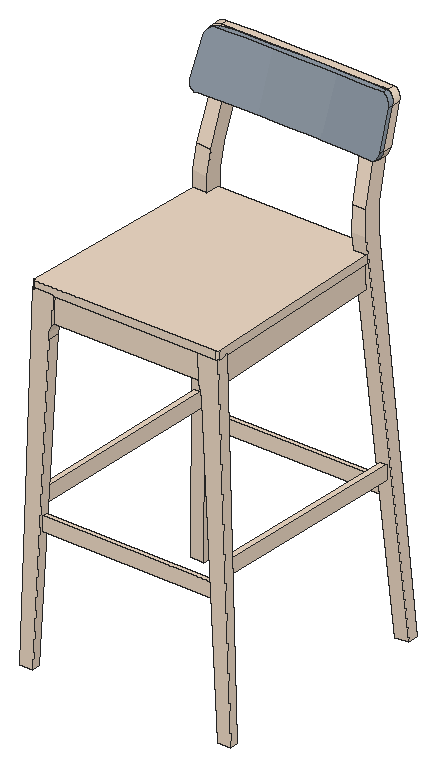
Revit family "FU_Stool_Sandler_Inga 4-4", category Furniture, Revit 2020
Family settings
  OmniClass Number = 23.40.20.00
  OmniClass Title = General Furniture and Specialties
  Work Plane-Based = No
  Always vertical = Yes
  Cut with Voids When Loaded = No
  Shared = No
  Room Calculation Point = No
Parameters (values of type "Inga 4.4")
  Width = 470 mm
  URL = "https://www.sandlerseating.com/product/inga-4-4/"
  Back [instance] = Fabric - Gravity - Frozen CPC27
  Model = "Inga 4.4"
  Manufacturer = "Sandler"
  Height = 1065 mm
  Frame [instance] = Wood - Stain - Natural
  Description = "Counter Stool with an upholstered back and wooden seat on a solid beech frame.\r\nProduced to custom height per customer specification, from 23.5”-29” seat height"
  Depth = 515 mm
  Default Elevation = 0 mm
Reference planes
  plane 1 "Center (Front/Back)": y = 0
  plane 2: z = 0
  plane 3 "Center (Left/Right)": x = 0
  plane 4 "Right": x = -235
  plane 5 "Left": x = 235
  plane 6 "Back": y = 257.5
  plane 7 "Front": y = -257.5
  plane 8 "Height": z = 1065
  plane 9 "Seat height": z = 770
  plane 10 "BRL C Front": through (-223.656, -1524, 6.942) normal (-0.998, 0, 0.0629)
  plane 11 "Cross Stretch RIGHT": z = 319.276
Forms (mm)
  Extrusion 1, solid, material "Wood - Stain - Natural" <- "Frame"
    sketch origin (-223.207, 0, 14.064) x (-0.062885, 0, -0.998021) y (0, -1, 0)
      loop
        line (14.088, -221.904) -> (-739.706, -170.353)
        arc (-739.706, -170.353) -> (-791.323, -166.38) -> (-842.719, -172.583) r 263.292
        arc (-842.719, -172.583) -> (-888.062, -184.609) -> (-932.278, -200.282) r 576.651
        line (-932.278, -200.282) -> (-1010.447, -234.651)
        arc (-1010.447, -234.651) -> (-1016.215, -251.155) -> (-999.349, -255.758) r 11.952
        arc (-999.349, -255.758) -> (-922.172, -228.309) -> (-842.736, -208.318) r 861.108
        arc (-842.736, -208.318) -> (-792.241, -202.51) -> (-741.487, -205.274) r 301.278
        line (-741.487, -205.274) -> (14.088, -243.812) -> (14.088, -221.904)
    from -14 to 16
  Extrusion 2, solid, material "Wood - Stain - Natural" <- "Frame"
    sketch origin (0, -257.5, 0) x (-1, 0, 0) y (0, 0, 1)
      loop
        line (203.243, 755.337) -> (160.475, 755.337) -> (162.275, 692.965)
        arc (162.275, 692.965) -> (167.122, 678.906) -> (169.282, 664.193) r 79.948
        line (169.282, 664.193) -> (204.244, 0) -> (231.625, 0) -> (203.243, 755.337)
    from 0 to 26
  Extrusion 3, void
    sketch origin (0, 0, 0) x (0, 1, 0) y (0, 0, 1)
      loop
        line (-240.28, -7.462) -> (-228.255, -7.462) -> (-228.255, 770) -> (-231.331, 770) -> (-240.28, -7.462)
    from -235 to 235
  Extrusion 4, solid, material "Wood - Stain - Natural" <- "Frame"
    sketch origin (0, -257.5, 0) x (1, 0, 0) y (0, 0, -1)
      loop
        line (203.243, -755.337) -> (231.625, 0) -> (204.244, 0) -> (169.282, -664.193)
        arc (169.282, -664.193) -> (167.122, -678.906) -> (162.275, -692.965) r 79.948
        line (162.275, -692.965) -> (160.475, -755.337) -> (203.243, -755.337)
    from 0 to 26
  Extrusion 5, solid, material "Wood - Stain - Natural" <- "Frame"
    sketch origin (0, 0, 0) x (0, 1, 0) y (0, 0, 1)
      loop
        line (-251.611, 753.215) -> (-251.611, 695.417) -> (-237.611, 695.417) -> (-237.611, 753.215) -> (-251.611, 753.215)
      loop
        line (182.525, 753.215) -> (182.525, 695.417) -> (197.878, 695.417) -> (197.878, 753.215) -> (182.525, 753.215)
    from -172 to 172
  Extrusion 6, solid, material "Wood - Stain - Natural" <- "Frame"
    sketch origin (0, 0, 770) x (-1, 0, 0) y (0, -1, 0)
      loop
        line (199.089, 233.696) -> (182.392, 233.696) -> (167.912, -178.326) -> (183.325, -178.326) -> (199.089, 233.696)
      loop
        line (-199.089, 233.696) -> (-183.325, -178.326) -> (-167.912, -178.326) -> (-182.392, 233.696) -> (-199.089, 233.696)
    from -73.647 to -16.784
  Sweep 7, solid, material "Wood - Stain - Natural" <- "Frame"
    path origin (0, 15, 0) x (0, 1, 0) y (0, 0, 1)
      loop
        line (201.523, 926.004) -> (255.109, 1066.106)
    profile "Pro_Inga_Back : Pro_Inga_Back" origin (0, 243.316, 996.055) x (0, -0.934012, 0.357242) y (1, 0, 0)
      loop
        arc (30.116, 241.175) -> (0, -0.038) -> (30.717, -241.175) r 971.366
        line (30.717, -241.175) -> (45.91, -241.175)
        arc (45.91, -241.175) -> (14.46, 0.005) -> (45.984, 241.175) r 939.367
        line (45.984, 241.175) -> (30.116, 241.175)
  Extrusion 8, void
    sketch origin (0, 257.5, 0) x (-1, 0, 0) y (0, 0, 1)
      loop
        line (210.101, 969.86) -> (205.284, 1046.309)
        arc (205.284, 1046.309) -> (198.261, 1060.303) -> (183.308, 1064.949) r 20
        arc (183.308, 1064.949) -> (0, 1055.69) -> (-183.308, 1064.949) r 1819.098
        arc (-183.308, 1064.949) -> (-198.261, 1060.303) -> (-205.284, 1046.309) r 20
        line (-205.284, 1046.309) -> (-210.101, 969.86)
        arc (-210.101, 969.86) -> (-205.852, 957.072) -> (-193.916, 950.817) r 18
        arc (-193.916, 950.817) -> (0, 941.208) -> (193.916, 950.817) r 1961.668
        arc (193.916, 950.817) -> (205.852, 957.072) -> (210.101, 969.86) r 18
      loop
        line (252.572, 1093.889) -> (-257.428, 1093.889) -> (-257.428, 918.889) -> (252.572, 918.889) -> (252.572, 1093.889)
    from -91.038 to 16.635
  Sweep 9, solid, material "Fabric - Gravity - Frozen CPC27" <- "Back"
    path origin (0, 15, 0) x (0, 1, 0) y (0, 0, 1)
      loop
        line (201.523, 926.004) -> (255.109, 1066.106)
    profile "Pro_Inga_Uph-Back : Pro_Inga_Uph-Back" origin (0, 243.316, 996.055) x (0, -0.934012, 0.357242) y (1, 0, 0)
      loop
        arc (45.116, 241.175) -> (15, -0.038) -> (45.717, -241.175) r 971.366
        line (45.717, -241.175) -> (56.451, -241.175)
        arc (56.451, -241.175) -> (25, 0.005) -> (56.524, 241.175) r 939.367
        line (56.524, 241.175) -> (45.116, 241.175)
  Extrusion 10, void
    sketch origin (0, 257.5, 0) x (-1, 0, 0) y (0, 0, 1)
      loop
        line (208.399, 970.415) -> (203.679, 1045.335)
        arc (203.679, 1045.335) -> (196.796, 1059.049) -> (182.142, 1063.602) r 19.6
        arc (182.142, 1063.602) -> (0, 1054.402) -> (-182.142, 1063.602) r 1807.525
        arc (-182.142, 1063.602) -> (-196.796, 1059.049) -> (-203.679, 1045.335) r 19.6
        line (-203.679, 1045.335) -> (-208.399, 970.415)
        arc (-208.399, 970.415) -> (-204.235, 957.883) -> (-192.538, 951.753) r 17.64
        arc (-192.538, 951.753) -> (0, 942.213) -> (192.538, 951.753) r 1947.724
        arc (192.538, 951.753) -> (204.235, 957.883) -> (208.399, 970.415) r 17.64
      loop
        line (252.572, 1093.889) -> (-257.428, 1093.889) -> (-257.428, 918.889) -> (252.572, 918.889) -> (252.572, 1093.889)
    from -96.184 to 10.5
  Extrusion 11, solid, material "Wood - Stain - Natural" <- "Frame"
    sketch origin (223.207, 0, 14.064) x (0.062885, 0, -0.998021) y (0, 1, 0)
      loop
        line (14.088, 221.904) -> (14.088, 243.812) -> (-741.487, 205.274)
        arc (-741.487, 205.274) -> (-792.241, 202.51) -> (-842.736, 208.318) r 301.278
        arc (-842.736, 208.318) -> (-922.172, 228.309) -> (-999.349, 255.758) r 861.108
        arc (-999.349, 255.758) -> (-1016.215, 251.155) -> (-1010.447, 234.651) r 11.952
        line (-1010.447, 234.651) -> (-932.278, 200.282)
        arc (-932.278, 200.282) -> (-888.062, 184.609) -> (-842.719, 172.583) r 576.651
        arc (-842.719, 172.583) -> (-791.323, 166.38) -> (-739.706, 170.353) r 263.292
        line (-739.706, 170.353) -> (14.088, 221.904)
    from -14 to 16
  Extrusion 12, solid, material "Wood - Stain - Natural" <- "Frame"
    sketch origin (0, 0, 0) x (0, 1, 0) y (0, 0, 1)
      loop
        line (-251.379, 308.04) -> (-251.379, 276.439) -> (-241.751, 276.439) -> (-241.751, 308.04) -> (-251.379, 308.04)
      loop
        line (212.749, 308.04) -> (212.749, 276.439) -> (223.249, 276.439) -> (223.249, 308.04) -> (212.749, 308.04)
    from -205.963 to 206
  Sweep 13, solid, material "Wood - Stain - Natural" <- "Frame"
    path origin (0, 0, 319.276) x (0, -1, 0) y (1, 0, 0)
      loop
        line (241.267, -201.776) -> (-208.724, -204.634)
    profile origin (-203.205, -16.272, 319.276) x (-0.99998, -0.006352, 0) y (0, 0, 1)
      loop
        line (6, 0) -> (6, 32.028) -> (-6, 32.028) -> (-6, 0) -> (6, 0)
  Sweep 14, solid, material "Wood - Stain - Natural" <- "Frame"
    path origin (0, 0, 319.276) x (0, -1, 0) y (-1, 0, 0)
      loop
        line (241.267, -201.776) -> (-208.724, -204.634)
    profile origin (203.205, -16.272, 319.276) x (-0.99998, 0.006352, 0) y (0, 0, 1)
      loop
        line (-6, 0) -> (6, 0) -> (6, 32.028) -> (-6, 32.028) -> (-6, 0)
  Extrusion 15, solid, material "Wood - Stain - Natural" <- "Frame"
    sketch origin (0, 0, 770) x (-1, 0, 0) y (0, -1, 0)
      loop
        line (198.707, 257.5) -> (-198.707, 257.5)
        arc (-198.707, 257.5) -> (-202.298, 255.979) -> (-203.705, 252.341) r 5
        line (-203.705, 252.341) -> (-189.541, -193.835)
        arc (-189.541, -193.835) -> (-188.023, -197.268) -> (-184.544, -198.676) r 5
        line (-184.544, -198.676) -> (184.544, -198.676)
        arc (184.544, -198.676) -> (188.023, -197.268) -> (189.541, -193.835) r 5
        line (189.541, -193.835) -> (203.705, 252.341)
        arc (203.705, 252.341) -> (202.298, 255.979) -> (198.707, 257.5) r 5
    from 0 to -17
Cuts and joins
  Extrusion 3 cuts Extrusion 2
  Extrusion 3 cuts Extrusion 4
  Extrusion 10 cuts Sweep 9
  Extrusion 8 cuts Sweep 7
Lines and regions (mm)
  reference lines
    curve 1: line (-207.78, -238.806, 319.276) -> (-195.802, -238.806, 319.276)
    curve 2: line (-210.705, 206.263, 319.276) -> (-198.532, 206.263, 319.276)
Dimensions and locks
  equal spacing: plane 4 "Right", plane 3 "Center (Left/Right)", plane 5 "Left"
  "Width": plane 4 "Right" to plane 5 "Left"
  equal spacing: plane 6 "Back", plane 1 "Center (Front/Back)", plane 7 "Front"
  "Depth": plane 6 "Back" to plane 7 "Front"
  "Height": plane 8 "Height" to level
  plane 9 "Seat height" to level = 770 mm
  aligned and locked: level to plane 2
Automatic sketch dimensions
  Extrusion 1 sketch curve to plane 6 "Back" = 22.849 mm
  Extrusion 1 sketch curve to Extrusion 1 sketch curve = 4.811 mm
  Extrusion 1 sketch curve to plane 6 "Back" = 57.218 mm
  Extrusion 1 sketch curve to Extrusion 1 sketch curve = 78.169 mm
  Extrusion 1 sketch curve to Extrusion 1 sketch curve = 146.651 mm
  Extrusion 1 sketch curve to Extrusion 1 sketch curve = 2.439 mm
  Extrusion 1 sketch curve to plane 6 "Back" = 52.226 mm
  Extrusion 1 sketch curve to Extrusion 1 sketch curve = 190.79 mm
  Extrusion 1 sketch curve to plane 6 "Back" = 87.147 mm
  Extrusion 1 sketch curve to Extrusion 1 sketch curve = 1.781 mm
  Extrusion 1 sketch curve to Extrusion 1 sketch curve = 65.51 mm
  Extrusion 1 sketch curve to Extrusion 1 sketch curve = 45.143 mm
  Extrusion 1 sketch curve to plane 6 "Back" = 13.688 mm
  Extrusion 1 sketch curve to Extrusion 1 sketch curve = 755.576 mm
  Extrusion 1 sketch curve to plane 6 "Back" = 11.907 mm
  plane 6 "Back" to Extrusion 1 sketch curve = 172.11 mm
  Extrusion 1 sketch curve to Extrusion 1 sketch curve = 74.042 mm
  Extrusion 1 sketch curve to Extrusion 1 sketch curve = 231.862 mm
  Extrusion 1 sketch curve to Extrusion 1 sketch curve = 316.924 mm
  Extrusion 1 sketch curve to Extrusion 1 sketch curve = 21.909 mm
  Extrusion 1 sketch curve to plane 6 "Back" = 1.742 mm
  Extrusion 2 sketch curve to level = 0 mm
  Extrusion 2 sketch curve to plane 3 "Center (Left/Right)" = 89.445 mm
  Extrusion 2 sketch curve to plane 9 "Seat height" = 14.663 mm
  Extrusion 2 sketch curve to plane 4 "Right" = 74.525 mm
  Extrusion 2 sketch curve to Extrusion 2 sketch curve = 1.801 mm
  Extrusion 2 sketch curve to Extrusion 2 sketch curve = 7.006 mm
  Extrusion 2 sketch curve to plane 4 "Right" = 31.757 mm
  Extrusion 2 sketch curve to plane 4 "Right" = 30.756 mm
  Extrusion 2 sketch curve to plane 4 "Right" = 3.375 mm
  Extrusion 2 sketch curve to plane 9 "Seat height" = 110.01 mm
  Extrusion 2 sketch curve to Extrusion 2 sketch curve = 4.203 mm
  Extrusion 3 sketch curve to plane 9 "Seat height" = 0 mm
  Extrusion 3 sketch curve to level = 7.462 mm
  plane 7 "Front" to Extrusion 3 sketch curve = 17.22 mm
  plane 7 "Front" to Extrusion 3 sketch curve = 26.169 mm
  Extrusion 3 sketch curve to Extrusion 3 sketch curve = 3.077 mm
  Extrusion 4 sketch curve to level = 0 mm
  Extrusion 4 sketch curve to plane 3 "Center (Left/Right)" = 89.445 mm
  plane 9 "Seat height" to Extrusion 4 sketch curve = 14.663 mm
  Extrusion 4 sketch curve to plane 5 "Left" = 74.525 mm
  Extrusion 4 sketch curve to Extrusion 4 sketch curve = 1.801 mm
  Extrusion 4 sketch curve to Extrusion 4 sketch curve = 7.006 mm
  Extrusion 4 sketch curve to plane 5 "Left" = 31.757 mm
  Extrusion 4 sketch curve to plane 5 "Left" = 30.756 mm
  Extrusion 4 sketch curve to plane 5 "Left" = 3.375 mm
  plane 9 "Seat height" to Extrusion 4 sketch curve = 110.01 mm
  Extrusion 4 sketch curve to Extrusion 4 sketch curve = 4.203 mm
  plane 7 "Front" to Extrusion 5 sketch curve = 5.889 mm
  Extrusion 5 sketch curve to Extrusion 5 sketch curve = 14 mm
  Extrusion 5 sketch curve to plane 9 "Seat height" = 16.785 mm  (x2)
  Extrusion 5 sketch curve to plane 6 "Back" = 74.975 mm
  Extrusion 5 sketch curve to Extrusion 5 sketch curve = 15.353 mm
  Extrusion 5 sketch curve to Extrusion 5 sketch curve = 57.798 mm
  Extrusion 5 sketch curve to plane 9 "Seat height" = 74.583 mm
  plane 5 "Left" to Extrusion 6 sketch curve = 35.911 mm
  plane 5 "Left" to Extrusion 6 sketch curve = 51.675 mm
  plane 7 "Front" to Extrusion 6 sketch curve = 23.804 mm  (x2)
  Extrusion 6 sketch curve to Extrusion 6 sketch curve = 16.697 mm  (x2)
  Extrusion 6 sketch curve to Extrusion 6 sketch curve = 15.414 mm  (x2)
  Extrusion 6 sketch curve to plane 4 "Right" = 67.088 mm
  Extrusion 6 sketch curve to plane 4 "Right" = 52.608 mm
  Extrusion 6 sketch curve to plane 6 "Back" = 79.174 mm  (x2)
  Sweep 7 sketch curve to plane 6 "Back" = 40.977 mm
  Sweep 7 sketch curve to plane 8 "Height" = 138.996 mm
  plane 8 "Height" to Sweep 7 sketch curve = 1.106 mm
  plane 6 "Back" to Sweep 7 sketch curve = 12.609 mm
  plane 3 "Center (Left/Right)" to Extrusion 8 sketch curve = 0 mm  (x2)
  Extrusion 8 sketch curve to plane 8 "Height" = 19.949 mm  (x2)
  plane 5 "Left" to Extrusion 8 sketch curve = 49.676 mm
  plane 5 "Left" to Extrusion 8 sketch curve = 42.863 mm
  Extrusion 8 sketch curve to Extrusion 8 sketch curve = 19.96 mm  (x2)
  Extrusion 8 sketch curve to Extrusion 8 sketch curve = 17.964 mm  (x2)
  Extrusion 8 sketch curve to plane 5 "Left" = 22.428 mm
  Extrusion 8 sketch curve to plane 4 "Right" = 49.676 mm
  Extrusion 8 sketch curve to plane 4 "Right" = 42.863 mm
  plane 4 "Right" to Extrusion 8 sketch curve = 17.572 mm
  Extrusion 8 sketch curve to Extrusion 8 sketch curve = 75.191 mm  (x2)
  Extrusion 8 sketch curve to Extrusion 8 sketch curve = 1.132 mm  (x2)
  Extrusion 8 sketch curve to Extrusion 8 sketch curve = 50.971 mm
  Extrusion 8 sketch curve to plane 8 "Height" = 18.691 mm  (x2)
  plane 8 "Height" to Extrusion 8 sketch curve = 28.889 mm
  Extrusion 8 sketch curve to Extrusion 8 sketch curve = 1780.898 mm
  Extrusion 8 sketch curve to Extrusion 8 sketch curve = 28.089 mm
  Extrusion 8 sketch curve to Extrusion 8 sketch curve = 0 mm  (x2)
  Sweep 9 sketch curve to plane 6 "Back" = 40.977 mm
  Sweep 9 sketch curve to plane 8 "Height" = 138.996 mm
  plane 8 "Height" to Sweep 9 sketch curve = 1.106 mm
  plane 6 "Back" to Sweep 9 sketch curve = 12.609 mm
  plane 3 "Center (Left/Right)" to Extrusion 10 sketch curve = 0 mm  (x2)
  Extrusion 10 sketch curve to plane 8 "Height" = 20.898 mm  (x2)
  plane 5 "Left" to Extrusion 10 sketch curve = 50.883 mm
  plane 5 "Left" to Extrusion 10 sketch curve = 44.206 mm
  Extrusion 10 sketch curve to Extrusion 10 sketch curve = 19.561 mm  (x2)
  Extrusion 10 sketch curve to Extrusion 10 sketch curve = 17.605 mm  (x2)
  Extrusion 10 sketch curve to plane 5 "Left" = 22.428 mm
  Extrusion 10 sketch curve to plane 4 "Right" = 50.883 mm
  Extrusion 10 sketch curve to plane 4 "Right" = 44.206 mm
  plane 4 "Right" to Extrusion 10 sketch curve = 17.572 mm
  Extrusion 10 sketch curve to Extrusion 10 sketch curve = 73.687 mm  (x2)
  Extrusion 10 sketch curve to Extrusion 10 sketch curve = 1.109 mm  (x2)
  Extrusion 10 sketch curve to Extrusion 10 sketch curve = 51.526 mm
  Extrusion 10 sketch curve to Extrusion 10 sketch curve = 1.233 mm  (x2)
  plane 8 "Height" to Extrusion 10 sketch curve = 28.889 mm
  Extrusion 10 sketch curve to Extrusion 10 sketch curve = 1768.037 mm
  Extrusion 10 sketch curve to Extrusion 10 sketch curve = 28.01 mm
  Extrusion 10 sketch curve to Extrusion 10 sketch curve = 0 mm  (x2)
  Extrusion 11 sketch curve to plane 6 "Back" = 22.849 mm
  Extrusion 11 sketch curve to Extrusion 11 sketch curve = 4.811 mm
  Extrusion 11 sketch curve to plane 6 "Back" = 57.218 mm
  Extrusion 11 sketch curve to Extrusion 11 sketch curve = 78.169 mm
  Extrusion 11 sketch curve to Extrusion 11 sketch curve = 146.651 mm
  Extrusion 11 sketch curve to Extrusion 11 sketch curve = 2.439 mm
  Extrusion 11 sketch curve to plane 6 "Back" = 52.226 mm
  Extrusion 11 sketch curve to Extrusion 11 sketch curve = 190.79 mm
  Extrusion 11 sketch curve to plane 6 "Back" = 87.147 mm
  Extrusion 11 sketch curve to Extrusion 11 sketch curve = 1.781 mm
  Extrusion 11 sketch curve to Extrusion 11 sketch curve = 65.51 mm
  Extrusion 11 sketch curve to Extrusion 11 sketch curve = 45.143 mm
  Extrusion 11 sketch curve to plane 6 "Back" = 13.688 mm
  Extrusion 11 sketch curve to Extrusion 11 sketch curve = 755.576 mm
  Extrusion 11 sketch curve to Extrusion 11 sketch curve = 21.909 mm
  Extrusion 11 sketch curve to plane 6 "Back" = 11.907 mm
  plane 6 "Back" to Extrusion 11 sketch curve = 172.11 mm
  Extrusion 11 sketch curve to Extrusion 11 sketch curve = 74.042 mm
  Extrusion 11 sketch curve to Extrusion 11 sketch curve = 231.862 mm
  Extrusion 11 sketch curve to Extrusion 11 sketch curve = 316.924 mm
  Extrusion 11 sketch curve to plane 6 "Back" = 1.742 mm
  plane 7 "Front" to Extrusion 12 sketch curve = 6.121 mm
  Extrusion 12 sketch curve to Extrusion 12 sketch curve = 9.627 mm
  Extrusion 12 sketch curve to plane 11 "Cross Stretch RIGHT" = 11.235 mm  (x2)
  Extrusion 12 sketch curve to plane 6 "Back" = 44.751 mm
  Extrusion 12 sketch curve to Extrusion 12 sketch curve = 10.5 mm
  Extrusion 12 sketch curve to Extrusion 12 sketch curve = 31.601 mm
  Extrusion 12 sketch curve to plane 11 "Cross Stretch RIGHT" = 42.837 mm
  curve 2 to plane 4 "Right" = 24.295 mm
  curve 2 to plane 6 "Back" = 51.237 mm
  plane 7 "Front" to curve 1 = 18.694 mm
  curve 1 to plane 4 "Right" = 27.22 mm
  curve 2 to curve 2 = 12.174 mm
  curve 1 to curve 1 = 11.978 mm
  Sweep 13 sketch curve to plane 6 "Back" = 48.776 mm
  Sweep 13 sketch curve to plane 4 "Right" = 30.366 mm
  plane 7 "Front" to Sweep 13 sketch curve = 16.233 mm
  Sweep 13 sketch curve to plane 4 "Right" = 33.224 mm
  plane 11 "Cross Stretch RIGHT" to Sweep 13 sketch curve = 0 mm
  profile plane to Sweep 13 sketch curve = 6 mm
  Sweep 13 sketch curve to profile plane = 6 mm
  plane 11 "Cross Stretch RIGHT" to Sweep 13 sketch curve = 32.028 mm
  plane 6 "Back" to Sweep 14 sketch curve = 48.776 mm
  Sweep 14 sketch curve to plane 5 "Left" = 30.366 mm
  Sweep 14 sketch curve to plane 7 "Front" = 16.233 mm
  Sweep 14 sketch curve to plane 5 "Left" = 33.224 mm
  plane 11 "Cross Stretch RIGHT" to Sweep 14 sketch curve = 0 mm
  profile plane to Sweep 14 sketch curve = 6 mm
  Sweep 14 sketch curve to profile plane = 6 mm
  plane 11 "Cross Stretch RIGHT" to Sweep 14 sketch curve = 32.028 mm
  Extrusion 15 sketch curve to plane 7 "Front" = 0 mm
  plane 7 "Front" to Extrusion 15 sketch curve = 5.159 mm  (x2)
  plane 5 "Left" to Extrusion 15 sketch curve = 31.295 mm
  Extrusion 15 sketch curve to Extrusion 15 sketch curve = 4.997 mm  (x4)
  plane 5 "Left" to Extrusion 15 sketch curve = 45.459 mm
  Extrusion 15 sketch curve to plane 4 "Right" = 50.456 mm
  Extrusion 15 sketch curve to plane 4 "Right" = 36.293 mm
  Extrusion 15 sketch curve to plane 6 "Back" = 63.824 mm
  Extrusion 15 sketch curve to plane 1 "Center (Front/Back)" = 193.676 mm
  Extrusion 15 sketch curve to Extrusion 15 sketch curve = 0.159 mm
